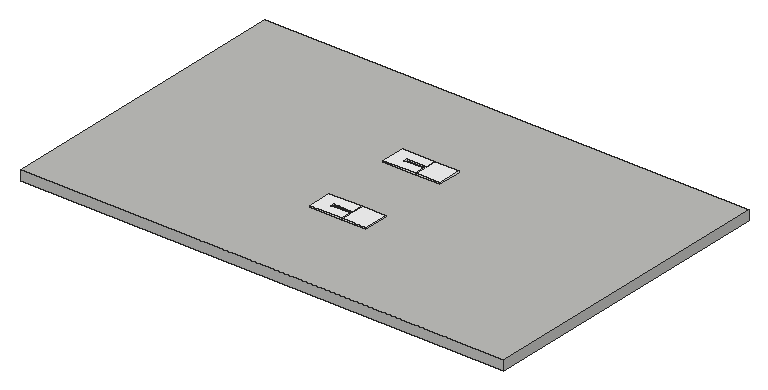
Revit family "Desk-Teknion-JNWDSN-Double_Sided_Rectangular-R2018", category Furniture, Revit 2018
Family settings
  OmniClass Number = 23.40.20.00
  OmniClass Title = General Furniture and Specialties
  Work Plane-Based = No
  Always vertical = Yes
  Cut with Voids When Loaded = No
  Shared = Yes
  Room Calculation Point = No
Parameters (values of type "36" Depth")
  Worksurface Finish [instance] = Foundation Laminate - Teknion - XG - Very White
  Width Note [instance] = if(and(or(Depth = 36.000", Depth = 48.000"), [Has Grommets - Both]), "48, 51, 54, 57, 60, 63, 66, 69, 72, 75, 78, 81, 84, 90, or 96 inches.", if(and(Depth = 60.000", [Has Grommets - Both]), "48, 51, 54, 57, 60, 63, 66, 69, 72, 75, 78, 81, or 84 inches.", if(and(or(Depth = 36.000", Depth = 48.000", Depth = 60.000"), [Has Square Cut-Out - Offset Left/Grommet - Center], [Has Square Cut-Out - Offset Right/Grommet - Center], [Has Square Cut-Out - Justified/Grommet - Center]), "48, 51, 54, 57, 60, 63, 66, 69, 72, 75, 78, 81, or 84 inches.", if([Has Grommet - Center], "24, 27, 30, 33, 36, 39, 42, 45, 48, 51, 54, 57, 60, 63, 66, 69, 72, 75, 78, 81, or 84 inches.", if(and(or(Depth = 48.000", Depth = 60.000"), [Has Access Door - Center]), "30, 36, 42, 66, 72, 78, or 84 inches.", if(and(or(Depth = 48.000", Depth = 60.000"), [Has Access Door - Justified]), "33, 36, 39, 42, 45, 48, 51, 54, 57, 60, 63, 66, 69, 72, 75, 78, 81, 84, 90, or 96 inches.", if(and(or(Depth = 48.000", Depth = 60.000"), [Has Access Door - Offset Left], [Has Access Door - Offset Right]), "60, 63, 66, 69, 72, 75, 78, 81, 84, 90, or 96 inches.", if(and(or(Depth = 48.000", Depth = 60.000"), [Has Access Door - Justified/Grommet - Center], [Has End Access Door/Grommet - Center]), "48, 51, 54, 57, 60, 63, 66, 69, 72, 75, 78, 81, or 84 inches.", if(and(or(Depth = 48.000", Depth = 60.000"), [Has Access Door - Offset Left/Grommet - Center], [Has Access Door - Offset Right/Grommet - Center]), "60, 63, 66, 69, 72, 75, 78, 81, or 84 inches.", if(and(or(Depth = 36.000", Depth = 48.000"), [Has No Power/Data]), "24, 27, 30, 33, 36, 39, 42, 45, 48, 51, 54, 57, 60, 63, 66, 69, 72, 75, 78, 81, 84, 90, or 96 inches.", "24, 27, 30, 33, 36, 39, 42, 45, 48, 51, 54, 57, 60, 63, 66, 69, 72, 75, 78, 81, or 84 inches."))))))))))  # "24, 27, 30, 33, 36, 39, 42, 45, 48, 51, 54, 57, 60, 63, 66, 69, 72, 75, 78, 81, or 84 inches."
  Width [instance] = 57.000"
  Warranty = "http://www.teknion.com/ca/papers/legal-canada"
  Unit Weight URL = "http://www.teknion.com/ca/tools/assets#&asset=bee6a381-b954-425e-8283-5a2de3a804f2,f828d448-4b62-4231-9e5f-9a8991c0ed77"
  URL = "www.teknion.com"
  Top Left Square Cut-Out Hole Depth [instance] = if(or([Has Square Cut-Out - Justified/Grommet - Center], [Has Square Cut-Out - Offset Right/Grommet - Center]), 12.000", 4.000")  # 4.000"
  Top Left Square Cut-Out (2D) [instance] = or([Has Square Cut-Out - Justified/Grommet - Center], [Has Square Cut-Out - Offset Right/Grommet - Center])  # no
  Sustainability Data = "http://www.teknion.com/ca/tools/assets#&topic=216f99a5-57a0-44fc-b10a-9dee9b29ae4c&asset=444deb64-fe58-4b68-981e-f75e97781df7"
  Top Right Square Cut-Out Hole Depth [instance] = if([Has Square Cut-Out - Offset Left/Grommet - Center], 12.000", 4.000")  # 4.000"
  Note [instance] = if(Depth = 36.000", "Choose between Has Grommets - Both, Has Grommet - Center, Has Square Cut-Out – Offset Left/Grommet – Center, Has Square Cut-Out – Offset Right/Grommet – Center, Has Square Cut-Out – Justified/Grommet – Center or Has No Power/Data.", "Choose one of the following below.")  # "Choose between Has Grommets - Both, Has Grommet - Center, Has Square Cut-Out – Offset Left/Grommet – Center, Has Square Cut-Out – Offset Right/Grommet – Center, Has Square Cut-Out – Justified/Grommet – Center or Has No Power/Data."
  Model = "JNWDSN36"
  Leg Paint Finish [instance] = Mica - Teknion - V - Satin - Very White
  Has Square Cut-Out - Offset Right/Grommet - Center [instance] = no
  Has Square Cut-Out - Offset Left/Grommet - Center [instance] = no
  Has Right Freestanding Leg [instance] = no
  Has No Power/Data [instance] = no
  Has Left Freestanding Leg [instance] = no
  Grommet Finish [instance] = Mica - Teknion - V - Satin - Very White
  Description = "Double-Sided Rectangular Worksurface"  # constant formula
  Bottom Right Square Cut-Out Hole Depth [instance] = if([Has Square Cut-Out - Offset Right/Grommet - Center], 12.000", 4.000")  # 4.000"
  Bottom Left Square Cut-Out Hole Depth [instance] = if(or([Has Square Cut-Out - Justified/Grommet - Center], [Has Square Cut-Out - Offset Left/Grommet - Center]), 12.000", 4.000")  # 4.000"
  Series = "Expansion Cityline"  # constant formula
  Right Grommet [instance] = or([Has Grommets - Both])  # no
  Product Page URL = "http://www.teknion.com/ca/products/product-details?productlineid=9ad2a26e-8e7a-673b-a6c8-ff05004460c4"
  Product Line = "Expansion Cityline"  # constant formula
  Product Documentation Link = "http://www.teknion.com/pricing/expansion-cityline/pdfs/JNWDSN_ppg.pdf"
  Part Number = "JNWDSN"  # constant formula
  Manufacturer Phone = "416-661-3370"  # constant formula
  Manufacturer Fax = "416.661.4586"  # constant formula
  Manufacturer Contact Information = "http://www.teknion.com/ca/contactus"
  Manufacturer Address = "1150 Flint Road, Toronto, ON. M3J 2J5. Canada"  # constant formula
  Manufacturer = "Teknion"  # constant formula
  Left Grommet [instance] = or([Has Grommets - Both])  # no
  Has Square Cut-Out - Justified/Grommet - Center [instance] = no
  Has Grommets - Both [instance] = no
  Has Grommet - Center [instance] = yes
  Has End Access Door/Grommet - Center [instance] = no
  Has Access Door - Offset Right/Grommet - Center [instance] = no
  Has Access Door - Offset Right [instance] = no
  Has Access Door - Offset Left/Grommet - Center [instance] = no
  Has Access Door - Offset Left [instance] = no
  Has Access Door - Justified/Grommet - Center [instance] = no
  Has Access Door - Justified [instance] = no
  Has Access Door - Center [instance] = no
  Bottom Left Square Cut-Out (2D) [instance] = or([Has Square Cut-Out - Justified/Grommet - Center], [Has Square Cut-Out - Offset Left/Grommet - Center])  # no
  Access Door Finish [instance] = Mica - Teknion - V - Satin - Very White
  Access Door - Offset Right [instance] = or([Has Access Door - Offset Right], [Has Access Door - Offset Right/Grommet - Center])  # no
  Access Door - Offset Left [instance] = or([Has Access Door - Offset Left], [Has Access Door - Offset Left/Grommet - Center])  # no
  Access Door - Justified (Bottom) [instance] = or([Has Access Door - Justified/Grommet - Center], [Has Access Door - Justified], [Has Access Door - Offset Left], [Has Access Door - Offset Left/Grommet - Center])  # no
  Access Door - Justified (Top) [instance] = or([Has Access Door - Justified/Grommet - Center], [Has Access Door - Justified], [Has Access Door - Offset Right], [Has Access Door - Offset Right/Grommet - Center])  # no
  End Access Door [instance] = or([Has End Access Door/Grommet - Center])  # no
  Depth = 36.000"
  Center Grommet [instance] = or([Has Grommet - Center], [Has End Access Door/Grommet - Center], [Has Access Door - Justified/Grommet - Center], [Has Square Cut-Out - Justified/Grommet - Center], [Has Access Door - Offset Left/Grommet - Center], [Has Access Door - Offset Right/Grommet - Center], [Has Square Cut-Out - Offset Left/Grommet - Center], [Has Square Cut-Out - Offset Right/Grommet - Center])  # yes
  Center Access Door [instance] = or([Has Access Door - Center])  # no
  Assembly Code = "E2020200"
Reference planes (in)
  plane 1 "Center Front/Back": y = 0
  plane 2: z = 0
  plane 3 "Center Left/Right": x = 0
  plane 4 "Left": x = -28.5
  plane 5 "Right": x = 28.5
  plane 6 "Back": y = 18
  plane 7 "Front": y = -18
  plane 8 "Top": z = 29
  plane 9 "Void Cut Plane": z = 35
  plane 10: z = 29.15748
  plane 11: x = -27
  plane 12: x = -23.53937
  plane 13: x = 27
  plane 14: x = 23.53937
  plane 15: z = 27.69291
  plane 16: z = 27.81102
  plane 17: y = 9
  plane 18: y = -9
Forms (in)
  Extrusion 1, solid, material "Foundation Laminate - Teknion - XG - Very White" <- "Worksurface Finish"
    sketch origin (0, 0, 0) x (1, 0, 0) y (0, 1, 0)
      loop
        line (-28.5, 18) -> (-28.5, -18) -> (28.5, -18) -> (28.5, 18) -> (-28.5, 18)
    from 27.81102 to 29
  Extrusion 2, solid, material "Mica - Teknion - V - Satin - Very White" <- "Grommet Finish", visible <- "Center Grommet"
    sketch origin (0, 0, 0) x (1, 0, 0) y (0, 1, 0)
      loop
        line (0.47893, 6.81573) -> (-3.32716, 6.81573) -> (-3.32716, 3.97167) -> (0.47893, 3.97167) -> (0.47893, 5.18103) -> (-1.79967, 5.18103) -> (-1.79967, 5.60637) -> (0.47893, 5.60637) -> (0.47893, 6.81573)
    from 29 to 29.15748
  Extrusion 3, solid, material "Mica - Teknion - V - Satin - Very White" <- "Grommet Finish", visible <- "Center Grommet"
    sketch origin (0, 0, 0) x (1, 0, 0) y (0, 1, 0)
      loop
        line (0.47893, 6.81573) -> (0.47893, 3.97167) -> (3.32716, 3.97167) -> (3.32716, 6.81573) -> (0.47893, 6.81573)
    from 29 to 29.15748
  Extrusion 4, solid, material "Mica - Teknion - V - Satin - Very White" <- "Grommet Finish", visible <- "Center Grommet"
    sketch origin (0, -10.7874, 0) x (1, 0, 0) y (0, 1, 0)
      loop
        line (0.47893, 6.81573) -> (-3.32716, 6.81573) -> (-3.32716, 3.97167) -> (0.47893, 3.97167) -> (0.47893, 5.18103) -> (-1.79967, 5.18103) -> (-1.79967, 5.60637) -> (0.47893, 5.60637) -> (0.47893, 6.81573)
    from 29 to 29.15748
  Extrusion 5, solid, material "Mica - Teknion - V - Satin - Very White" <- "Grommet Finish", visible <- "Center Grommet"
    sketch origin (0, -10.7874, 0) x (1, 0, 0) y (0, 1, 0)
      loop
        line (0.47893, 6.81573) -> (0.47893, 3.97167) -> (3.32716, 3.97167) -> (3.32716, 6.81573) -> (0.47893, 6.81573)
    from 29 to 29.15748
  Extrusion 6, solid, material "Mica - Teknion - V - Satin - Very White" <- "Grommet Finish", visible <- "Left Grommet"
    sketch origin (-36, 0, 0) x (-1, 0, 0) y (0, -1, 0)
      loop
        line (-19.02107, -6.81573) -> (-19.02107, -5.60637) -> (-21.29967, -5.60637) -> (-21.29967, -5.18103) -> (-19.02107, -5.18103) -> (-19.02107, -3.97167) -> (-22.82716, -3.97167) -> (-22.82716, -6.81573) -> (-19.02107, -6.81573)
    from 29 to 29.15748
  Extrusion 7, solid, material "Mica - Teknion - V - Satin - Very White" <- "Grommet Finish", visible <- "Left Grommet"
    sketch origin (-36, 0, 0) x (-1, 0, 0) y (0, -1, 0)
      loop
        line (-19.02107, -6.81573) -> (-16.17284, -6.81573) -> (-16.17284, -3.97167) -> (-19.02107, -3.97167) -> (-19.02107, -6.81573)
    from 29 to 29.15748
  Extrusion 8, solid, material "Mica - Teknion - V - Satin - Very White" <- "Grommet Finish", visible <- "Left Grommet"
    sketch origin (-36, -10.7874, 0) x (-1, 0, 0) y (0, -1, 0)
      loop
        line (-19.02107, -6.81573) -> (-19.02107, -5.60637) -> (-21.29967, -5.60637) -> (-21.29967, -5.18103) -> (-19.02107, -5.18103) -> (-19.02107, -3.97167) -> (-22.82716, -3.97167) -> (-22.82716, -6.81573) -> (-19.02107, -6.81573)
    from 29 to 29.15748
  Extrusion 9, solid, material "Mica - Teknion - V - Satin - Very White" <- "Grommet Finish", visible <- "Left Grommet"
    sketch origin (-36, -10.7874, 0) x (-1, 0, 0) y (0, -1, 0)
      loop
        line (-19.02107, -6.81573) -> (-16.17284, -6.81573) -> (-16.17284, -3.97167) -> (-19.02107, -3.97167) -> (-19.02107, -6.81573)
    from 29 to 29.15748
  Extrusion 10, solid, material "Mica - Teknion - V - Satin - Very White" <- "Grommet Finish", visible <- "Right Grommet"
    sketch origin (36, 0, 0) x (1, 0, 0) y (0, 1, 0)
      loop
        line (-19.02107, 6.81573) -> (-22.82716, 6.81573) -> (-22.82716, 3.97167) -> (-19.02107, 3.97167) -> (-19.02107, 5.18103) -> (-21.29967, 5.18103) -> (-21.29967, 5.60637) -> (-19.02107, 5.60637) -> (-19.02107, 6.81573)
    from 29 to 29.15748
  Extrusion 11, solid, material "Mica - Teknion - V - Satin - Very White" <- "Grommet Finish", visible <- "Right Grommet"
    sketch origin (36, 0, 0) x (1, 0, 0) y (0, 1, 0)
      loop
        line (-19.02107, 6.81573) -> (-19.02107, 3.97167) -> (-16.17284, 3.97167) -> (-16.17284, 6.81573) -> (-19.02107, 6.81573)
    from 29 to 29.15748
  Extrusion 12, solid, material "Mica - Teknion - V - Satin - Very White" <- "Grommet Finish", visible <- "Right Grommet"
    sketch origin (36, -10.7874, 0) x (1, 0, 0) y (0, 1, 0)
      loop
        line (-19.02107, 6.81573) -> (-22.82716, 6.81573) -> (-22.82716, 3.97167) -> (-19.02107, 3.97167) -> (-19.02107, 5.18103) -> (-21.29967, 5.18103) -> (-21.29967, 5.60637) -> (-19.02107, 5.60637) -> (-19.02107, 6.81573)
    from 29 to 29.15748
  Extrusion 13, solid, material "Mica - Teknion - V - Satin - Very White" <- "Grommet Finish", visible <- "Right Grommet"
    sketch origin (36, -10.7874, 0) x (1, 0, 0) y (0, 1, 0)
      loop
        line (-19.02107, 6.81573) -> (-19.02107, 3.97167) -> (-16.17284, 3.97167) -> (-16.17284, 6.81573) -> (-19.02107, 6.81573)
    from 29 to 29.15748
  Extrusion 14, solid, material "Mica - Teknion - V - Satin - Very White" <- "Access Door Finish", visible <- "Center Access Door"
    sketch origin (0, 0, 29) x (-1, 0, 0) y (0, -1, 0)
      loop
        line (4.40945, -2.58661) -> (-4.40945, -2.58661) -> (-4.40945, -8.41339) -> (4.40945, -8.41339) -> (4.40945, -2.58661)
      loop
        line (4.72441, -8.72835) -> (4.72441, -2.27165) -> (-4.72441, -2.27165) -> (-4.72441, -8.72835) -> (4.72441, -8.72835)
    from 0 to 0.07874
  Extrusion 15, solid, material "Mica - Teknion - V - Satin - Very White" <- "Access Door Finish", visible <- "Center Access Door"
    sketch origin (0, 0, 29) x (-1, 0, 0) y (0, -1, 0)
      loop
        line (-4.37008, -7.88189) -> (4.37008, -7.88189) -> (4.37008, -3.11811) -> (-4.37008, -3.11811) -> (-4.37008, -7.88189)
    from 0 to 0.07874
  Extrusion 16, solid, material "Mica - Teknion - V - Satin - Very White" <- "Access Door Finish", visible <- "Center Access Door"
    sketch origin (0, 0, 29) x (-1, 0, 0) y (0, -1, 0)
      loop
        line (-4.37008, 7.88189) -> (-4.37008, 3.11811) -> (4.37008, 3.11811) -> (4.37008, 7.88189) -> (-4.37008, 7.88189)
    from 0 to 0.07874
  Extrusion 17, solid, material "Mica - Teknion - V - Satin - Very White" <- "Access Door Finish", visible <- "Center Access Door"
    sketch origin (0, 0, 29) x (-1, 0, 0) y (0, -1, 0)
      loop
        line (4.40945, 2.58661) -> (4.40945, 8.41339) -> (-4.40945, 8.41339) -> (-4.40945, 2.58661) -> (4.40945, 2.58661)
      loop
        line (4.72441, 8.72835) -> (-4.72441, 8.72835) -> (-4.72441, 2.27165) -> (4.72441, 2.27165) -> (4.72441, 8.72835)
    from 0 to 0.07874
  Extrusion 18, solid, material "Mica - Teknion - V - Satin - Very White" <- "Access Door Finish", visible <- "End Access Door"
    sketch origin (0, 0, 29) x (-1, 0, 0) y (0, -1, 0)
      loop
        line (19.78445, -13.72441) -> (26.24114, -13.72441) -> (26.24114, -4.27559) -> (19.78445, -4.27559) -> (19.78445, -13.72441)
      loop
        line (25.92618, -13.40945) -> (25.92618, -4.59055) -> (20.09941, -4.59055) -> (20.09941, -13.40945) -> (25.92618, -13.40945)
    from 0 to 0.15748
  Extrusion 19, solid, material "Mica - Teknion - V - Satin - Very White" <- "Access Door Finish", visible <- "End Access Door"
    sketch origin (0, 0, 29) x (-1, 0, 0) y (0, -1, 0)
      loop
        line (25.39469, -13.37008) -> (25.39469, -4.62992) -> (20.63091, -4.62992) -> (20.63091, -13.37008) -> (25.39469, -13.37008)
    from 0 to 0.15748
  Extrusion 20, solid, material "Mica - Teknion - V - Satin - Very White" <- "Access Door Finish", visible <- "End Access Door"
    sketch origin (0, 0, 29) x (-1, 0, 0) y (0, -1, 0)
      loop
        line (19.78445, 13.72441) -> (19.78445, 4.27559) -> (26.24114, 4.27559) -> (26.24114, 13.72441) -> (19.78445, 13.72441)
      loop
        line (25.92618, 13.40945) -> (20.09941, 13.40945) -> (20.09941, 4.59055) -> (25.92618, 4.59055) -> (25.92618, 13.40945)
    from 0 to 0.15748
  Extrusion 21, solid, material "Mica - Teknion - V - Satin - Very White" <- "Access Door Finish", visible <- "End Access Door"
    sketch origin (0, 0, 29) x (-1, 0, 0) y (0, -1, 0)
      loop
        line (25.39469, 13.37008) -> (20.63091, 13.37008) -> (20.63091, 4.62992) -> (25.39469, 4.62992) -> (25.39469, 13.37008)
    from 0 to 0.15748
  Extrusion 22, solid, material "Mica - Teknion - V - Satin - Very White" <- "Access Door Finish", visible <- "Access Door - Justified (Top)"
    sketch origin (-42, -31.0128, 29) x (0, 1, 0) y (-1, 0, 0)
      loop
        line (33.28445, -33.22441) -> (39.74114, -33.22441) -> (39.74114, -23.77559) -> (33.28445, -23.77559) -> (33.28445, -33.22441)
      loop
        line (39.42618, -32.90945) -> (39.42618, -24.09055) -> (33.59941, -24.09055) -> (33.59941, -32.90945) -> (39.42618, -32.90945)
    from 0 to 0.15748
  Extrusion 23, solid, material "Mica - Teknion - V - Satin - Very White" <- "Access Door Finish", visible <- "Access Door - Justified (Top)"
    sketch origin (-42, -31.0128, 29) x (0, 1, 0) y (-1, 0, 0)
      loop
        line (38.89469, -32.87008) -> (38.89469, -24.12992) -> (34.13091, -24.12992) -> (34.13091, -32.87008) -> (38.89469, -32.87008)
    from 0 to 0.15748
  Extrusion 24, solid, material "Mica - Teknion - V - Satin - Very White" <- "Access Door Finish", visible <- "Access Door - Justified (Bottom)"
    sketch origin (-42, 31.0128, 29) x (0, -1, 0) y (1, 0, 0)
      loop
        line (33.28445, 33.22441) -> (33.28445, 23.77559) -> (39.74114, 23.77559) -> (39.74114, 33.22441) -> (33.28445, 33.22441)
      loop
        line (39.42618, 32.90945) -> (33.59941, 32.90945) -> (33.59941, 24.09055) -> (39.42618, 24.09055) -> (39.42618, 32.90945)
    from 0 to 0.15748
  Extrusion 25, solid, material "Mica - Teknion - V - Satin - Very White" <- "Access Door Finish", visible <- "Access Door - Justified (Bottom)"
    sketch origin (-42, 31.0128, 29) x (0, -1, 0) y (1, 0, 0)
      loop
        line (38.89469, 32.87008) -> (34.13091, 32.87008) -> (34.13091, 24.12992) -> (38.89469, 24.12992) -> (38.89469, 32.87008)
    from 0 to 0.15748
  Extrusion 26, void
    sketch origin (0, 0, 35) x (0, -1, 0) y (1, 0, 0)
      loop
        arc (4.51732, -17.08661) -> (4.60219, -17.29151) -> (4.80709, -17.37638) r 0.28976
        line (4.80709, -17.37638) -> (5.98031, -17.37638)
        arc (5.98031, -17.37638) -> (6.18521, -17.29151) -> (6.27008, -17.08661) r 0.28976
        line (6.27008, -17.08661) -> (6.27008, -15.91339)
        arc (6.27008, -15.91339) -> (6.18521, -15.70849) -> (5.98031, -15.62362) r 0.28976
        line (5.98031, -15.62362) -> (4.80709, -15.62362)
        arc (4.80709, -15.62362) -> (4.60219, -15.70849) -> (4.51732, -15.91339) r 0.28976
        line (4.51732, -15.91339) -> (4.51732, -17.08661)
    from 0 to -4
  Extrusion 27, solid, material "Mica - Teknion - V - Satin - Very White" <- "Access Door Finish", visible <- "Access Door - Offset Left"
    sketch origin (39, -31.0128, 29) x (0, 1, 0) y (-1, 0, 0)
      loop
        line (33.28445, 30.22441) -> (33.28445, 20.77559) -> (39.74114, 20.77559) -> (39.74114, 30.22441) -> (33.28445, 30.22441)
      loop
        line (39.42618, 29.90945) -> (33.59941, 29.90945) -> (33.59941, 21.09055) -> (39.42618, 21.09055) -> (39.42618, 29.90945)
    from 0 to 0.15748
  Extrusion 28, solid, material "Mica - Teknion - V - Satin - Very White" <- "Access Door Finish", visible <- "Access Door - Offset Left"
    sketch origin (39, -31.0128, 29) x (0, 1, 0) y (-1, 0, 0)
      loop
        line (38.89469, 29.87008) -> (34.13091, 29.87008) -> (34.13091, 21.12992) -> (38.89469, 21.12992) -> (38.89469, 29.87008)
    from 0 to 0.15748
  Extrusion 29, solid, material "Mica - Teknion - V - Satin - Very White" <- "Access Door Finish", visible <- "Access Door - Offset Right"
    sketch origin (42, -42.0128, 29) x (0, 1, 0) y (-1, 0, 0)
      loop
        line (33.28445, 33.22441) -> (33.28445, 23.77559) -> (39.74114, 23.77559) -> (39.74114, 33.22441) -> (33.28445, 33.22441)
      loop
        line (39.42618, 32.90945) -> (33.59941, 32.90945) -> (33.59941, 24.09055) -> (39.42618, 24.09055) -> (39.42618, 32.90945)
    from 0 to 0.15748
  Extrusion 30, solid, material "Mica - Teknion - V - Satin - Very White" <- "Access Door Finish", visible <- "Access Door - Offset Right"
    sketch origin (42, -42.0128, 29) x (0, 1, 0) y (-1, 0, 0)
      loop
        line (38.89469, 32.87008) -> (34.13091, 32.87008) -> (34.13091, 24.12992) -> (38.89469, 24.12992) -> (38.89469, 32.87008)
    from 0 to 0.15748
  Extrusion 31, void
    sketch origin (0, 0, 35) x (0, 1, 0) y (-1, 0, 0)
      loop
        line (4.51732, 17.08661) -> (4.51732, 15.91339)
        arc (4.51732, 15.91339) -> (4.60219, 15.70849) -> (4.80709, 15.62362) r 0.28976
        line (4.80709, 15.62362) -> (5.98031, 15.62362)
        arc (5.98031, 15.62362) -> (6.18521, 15.70849) -> (6.27008, 15.91339) r 0.28976
        line (6.27008, 15.91339) -> (6.27008, 17.08661)
        arc (6.27008, 17.08661) -> (6.18521, 17.29151) -> (5.98031, 17.37638) r 0.28976
        line (5.98031, 17.37638) -> (4.80709, 17.37638)
        arc (4.80709, 17.37638) -> (4.60219, 17.29151) -> (4.51732, 17.08661) r 0.28976
    from 0 to -4
  Extrusion 32, void
    sketch origin (0, 0, 35) x (0, 1, 0) y (-1, 0, 0)
      loop
        arc (4.51732, -17.08661) -> (4.60219, -17.29151) -> (4.80709, -17.37638) r 0.28976
        line (4.80709, -17.37638) -> (5.98031, -17.37638)
        arc (5.98031, -17.37638) -> (6.18521, -17.29151) -> (6.27008, -17.08661) r 0.28976
        line (6.27008, -17.08661) -> (6.27008, -15.91339)
        arc (6.27008, -15.91339) -> (6.18521, -15.70849) -> (5.98031, -15.62362) r 0.28976
        line (5.98031, -15.62362) -> (4.80709, -15.62362)
        arc (4.80709, -15.62362) -> (4.60219, -15.70849) -> (4.51732, -15.91339) r 0.28976
        line (4.51732, -15.91339) -> (4.51732, -17.08661)
    from 0 to -4
  Extrusion 33, void
    sketch origin (0, 0, 35) x (0, -1, 0) y (1, 0, 0)
      loop
        line (4.51732, 17.08661) -> (4.51732, 15.91339)
        arc (4.51732, 15.91339) -> (4.60219, 15.70849) -> (4.80709, 15.62362) r 0.28976
        line (4.80709, 15.62362) -> (5.98031, 15.62362)
        arc (5.98031, 15.62362) -> (6.18521, 15.70849) -> (6.27008, 15.91339) r 0.28976
        line (6.27008, 15.91339) -> (6.27008, 17.08661)
        arc (6.27008, 17.08661) -> (6.18521, 17.29151) -> (5.98031, 17.37638) r 0.28976
        line (5.98031, 17.37638) -> (4.80709, 17.37638)
        arc (4.80709, 17.37638) -> (4.60219, 17.29151) -> (4.51732, 17.08661) r 0.28976
    from 0 to -4
  Extrusion 34, solid, material "Mica - Teknion - V - Satin - Very White" <- "Leg Paint Finish", visible <- "Has Left Freestanding Leg"
    sketch origin (-28.5, 0, 0) x (0, 1, 0) y (0, 0, 1)
      loop
        line (13.89338, 27.69291) -> (-13.89338, 27.69291) -> (-17.40756, 1) -> (-14.88599, 1) -> (-12.12869, 21.9438)
        arc (-12.12869, 21.9438) -> (-11.87353, 22.5598) -> (-11.25753, 22.81496) r 0.87116
        line (-11.25753, 22.81496) -> (11.25753, 22.81496)
        arc (11.25753, 22.81496) -> (11.82627, 22.6009) -> (12.11274, 22.06496) r 0.86259
        line (12.11274, 22.06496) -> (14.88599, 1) -> (17.40756, 1) -> (13.89338, 27.69291)
    from 0 to 1.5
  Extrusion 35, solid, material "Mica - Teknion - V - Satin - Very White" <- "Leg Paint Finish", visible <- "Has Left Freestanding Leg"
    sketch origin (0, 0, 35) x (0, -1, 0) y (1, 0, 0)
      loop
        line (-16.41306, -23.53937) -> (-16.41306, -28.5) -> (16.41306, -28.5) -> (16.41306, -23.53937) -> (-16.41306, -23.53937)
    from -7.30709 to -7.18898
  Extrusion 36, solid, material "Mica - Teknion - V - Satin - Very White" <- "Leg Paint Finish", visible <- "Has Right Freestanding Leg"
    sketch origin (0, 0, 35) x (0, -1, 0) y (1, 0, 0)
      loop
        line (-16.41306, 23.53937) -> (16.41306, 23.53937) -> (16.41306, 28.5) -> (-16.41306, 28.5) -> (-16.41306, 23.53937)
    from -7.30709 to -7.18898
  Extrusion 37, solid, material "Mica - Teknion - V - Satin - Very White" <- "Leg Paint Finish", visible <- "Has Right Freestanding Leg"
    sketch origin (27, -0.9945, 0) x (0, 1, 0) y (0, 0, 1)
      loop
        line (14.88788, 27.69291) -> (-12.89887, 27.69291) -> (-16.41306, 1) -> (-13.89149, 1) -> (-11.13418, 21.9438)
        arc (-11.13418, 21.9438) -> (-10.87903, 22.5598) -> (-10.26302, 22.81496) r 0.87116
        line (-10.26302, 22.81496) -> (12.25203, 22.81496)
        arc (12.25203, 22.81496) -> (12.82077, 22.6009) -> (13.10724, 22.06496) r 0.86259
        line (13.10724, 22.06496) -> (15.8805, 1) -> (18.40207, 1) -> (14.88788, 27.69291)
    from 0 to 1.5
  Extrusion 38, solid, material "Mica - Teknion - V - Satin - Very White" <- "Leg Paint Finish", visible <- "Has Right Freestanding Leg"
    sketch origin (28.5, 0, 0) x (0, 1, 0) y (0, 0, -1)
      loop
        line (-15.20367, -1) -> (-15.33532, 0) -> (-17.40023, 0) -> (-17.26858, -1) -> (-15.20367, -1)
    from 0 to 1.5
  Extrusion 39, solid, material "Mica - Teknion - V - Satin - Very White" <- "Leg Paint Finish", visible <- "Has Right Freestanding Leg"
    sketch origin (28.5, 0, 0) x (0, -1, 0) y (0, 0, 1)
      loop
        line (-15.20367, 1) -> (-17.26858, 1) -> (-17.40023, 0) -> (-15.33532, 0) -> (-15.20367, 1)
    from 0 to 1.5
  Extrusion 40, solid, material "Mica - Teknion - V - Satin - Very White" <- "Leg Paint Finish", visible <- "Has Left Freestanding Leg"
    sketch origin (-28.5, 0, 0) x (0, 1, 0) y (0, 0, 1)
      loop
        line (-15.20367, 1) -> (-17.26858, 1) -> (-17.40023, 0) -> (-15.33532, 0) -> (-15.20367, 1)
    from 0 to 1.5
  Extrusion 41, solid, material "Mica - Teknion - V - Satin - Very White" <- "Leg Paint Finish", visible <- "Has Left Freestanding Leg"
    sketch origin (-28.5, 0, 0) x (0, -1, 0) y (0, 0, -1)
      loop
        line (-15.20367, -1) -> (-15.33532, 0) -> (-17.40023, 0) -> (-17.26858, -1) -> (-15.20367, -1)
    from 0 to 1.5
Cuts and joins
  Extrusion 26, Extrusion 31, Extrusion 32, Extrusion 33 cuts Extrusion 1
Lines and regions (in)
  Masking region 1
    outline origin (0, 0, 35) x (0, -1, 0) y (1, 0, 0)
      loop
        line (-18, 28.5) -> (-18, -28.5) -> (18, -28.5) -> (18, 28.5) -> (-18, 28.5)
  symbolic lines, visible <- "End Access Door"
    curve 1: line (-25.92618, 4.59055, 35) -> (-25.92618, 13.40945, 35)
    curve 2: line (-25.92618, 13.40945, 35) -> (-20.09941, 13.40945, 35)
    curve 3: line (-20.09941, 13.40945, 35) -> (-20.09941, 4.59055, 35)
    curve 4: line (-20.09941, 4.59055, 35) -> (-25.92618, 4.59055, 35)
    curve 5: line (-26.24114, 13.72441, 35) -> (-26.24114, 4.27559, 35)
    curve 6: line (-26.24114, 4.27559, 35) -> (-19.78445, 4.27559, 35)
    curve 7: line (-19.78445, 4.27559, 35) -> (-19.78445, 13.72441, 35)
    curve 8: line (-19.78445, 13.72441, 35) -> (-26.24114, 13.72441, 35)
    curve 9: line (-25.39469, 13.37008, 35) -> (-25.39469, 4.62992, 35)
    curve 10: line (-25.39469, 4.62992, 35) -> (-20.63091, 4.62992, 35)
    curve 11: line (-20.63091, 4.62992, 35) -> (-20.63091, 13.37008, 35)
    curve 12: line (-20.63091, 13.37008, 35) -> (-25.39469, 13.37008, 35)
    curve 13: line (-26.24114, -4.27559, 35) -> (-26.24114, -13.72441, 35)
    curve 14: line (-26.24114, -13.72441, 35) -> (-19.78445, -13.72441, 35)
    curve 15: line (-19.78445, -13.72441, 35) -> (-19.78445, -4.27559, 35)
    curve 16: line (-19.78445, -4.27559, 35) -> (-26.24114, -4.27559, 35)
    curve 17: line (-25.92618, -13.40945, 35) -> (-25.92618, -4.59055, 35)
    curve 18: line (-25.92618, -4.59055, 35) -> (-20.09941, -4.59055, 35)
    curve 19: line (-20.09941, -4.59055, 35) -> (-20.09941, -13.40945, 35)
    curve 20: line (-20.09941, -13.40945, 35) -> (-25.92618, -13.40945, 35)
    curve 21: line (-25.39469, -4.62992, 35) -> (-25.39469, -13.37008, 35)
    curve 22: line (-25.39469, -13.37008, 35) -> (-20.63091, -13.37008, 35)
    curve 23: line (-20.63091, -13.37008, 35) -> (-20.63091, -4.62992, 35)
    curve 24: line (-20.63091, -4.62992, 35) -> (-25.39469, -4.62992, 35)
  symbolic lines, visible <- "Access Door - Justified (Top)"
    curve 25: line (-8.77559, 8.72835, 35) -> (-18.22441, 8.72835, 35)
    curve 26: line (-18.22441, 8.72835, 35) -> (-18.22441, 2.27165, 35)
    curve 27: line (-18.22441, 2.27165, 35) -> (-8.77559, 2.27165, 35)
    curve 28: line (-8.77559, 2.27165, 35) -> (-8.77559, 8.72835, 35)
    curve 29: line (-17.90945, 8.41339, 35) -> (-9.09055, 8.41339, 35)
    curve 30: line (-9.09055, 8.41339, 35) -> (-9.09055, 2.58661, 35)
    curve 31: line (-9.09055, 2.58661, 35) -> (-17.90945, 2.58661, 35)
    curve 32: line (-17.90945, 2.58661, 35) -> (-17.90945, 8.41339, 35)
    curve 33: line (-17.87008, 3.11811, 35) -> (-9.12992, 3.11811, 35)
    curve 34: line (-9.12992, 3.11811, 35) -> (-9.12992, 7.88189, 35)
    curve 35: line (-9.12992, 7.88189, 35) -> (-17.87008, 7.88189, 35)
    curve 36: line (-17.87008, 7.88189, 35) -> (-17.87008, 3.11811, 35)
  symbolic lines, visible <- "Access Door - Justified (Bottom)"
    curve 37: line (-8.77559, -2.27165, 35) -> (-18.22441, -2.27165, 35)
    curve 38: line (-18.22441, -2.27165, 35) -> (-18.22441, -8.72835, 35)
    curve 39: line (-18.22441, -8.72835, 35) -> (-8.77559, -8.72835, 35)
    curve 40: line (-8.77559, -8.72835, 35) -> (-8.77559, -2.27165, 35)
    curve 41: line (-17.90945, -2.58661, 35) -> (-9.09055, -2.58661, 35)
    curve 42: line (-9.09055, -2.58661, 35) -> (-9.09055, -8.41339, 35)
    curve 43: line (-9.09055, -8.41339, 35) -> (-17.90945, -8.41339, 35)
    curve 44: line (-17.90945, -8.41339, 35) -> (-17.90945, -2.58661, 35)
    curve 45: line (-9.12992, -3.11811, 35) -> (-17.87008, -3.11811, 35)
    curve 46: line (-17.87008, -3.11811, 35) -> (-17.87008, -7.88189, 35)
    curve 47: line (-17.87008, -7.88189, 35) -> (-9.12992, -7.88189, 35)
    curve 48: line (-9.12992, -7.88189, 35) -> (-9.12992, -3.11811, 35)
  symbolic lines, visible <- "Center Access Door"
    curve 49: line (4.72441, 8.72835, 35) -> (-4.72441, 8.72835, 35)
    curve 50: line (-4.72441, 8.72835, 35) -> (-4.72441, 2.27165, 35)
    curve 51: line (-4.72441, 2.27165, 35) -> (4.72441, 2.27165, 35)
    curve 52: line (4.72441, 2.27165, 35) -> (4.72441, 8.72835, 35)
    curve 53: line (-4.40945, 8.41339, 35) -> (4.40945, 8.41339, 35)
    curve 54: line (4.40945, 8.41339, 35) -> (4.40945, 2.58661, 35)
    curve 55: line (4.40945, 2.58661, 35) -> (-4.40945, 2.58661, 35)
    curve 56: line (-4.40945, 2.58661, 35) -> (-4.40945, 8.41339, 35)
    curve 57: line (4.37008, 7.88189, 35) -> (-4.37008, 7.88189, 35)
    curve 58: line (-4.37008, 7.88189, 35) -> (-4.37008, 3.11811, 35)
    curve 59: line (-4.37008, 3.11811, 35) -> (4.37008, 3.11811, 35)
    curve 60: line (4.37008, 3.11811, 35) -> (4.37008, 7.88189, 35)
    curve 61: line (-4.40945, -2.58661, 35) -> (4.40945, -2.58661, 35)
    curve 62: line (4.40945, -2.58661, 35) -> (4.40945, -8.41339, 35)
    curve 63: line (4.40945, -8.41339, 35) -> (-4.40945, -8.41339, 35)
    curve 64: line (-4.40945, -8.41339, 35) -> (-4.40945, -2.58661, 35)
    curve 65: line (-4.72441, -8.72835, 35) -> (4.72441, -8.72835, 35)
    curve 66: line (4.72441, -8.72835, 35) -> (4.72441, -2.27165, 35)
    curve 67: line (4.72441, -2.27165, 35) -> (-4.72441, -2.27165, 35)
    curve 68: line (-4.72441, -2.27165, 35) -> (-4.72441, -8.72835, 35)
    curve 69: line (4.37008, -3.11811, 35) -> (-4.37008, -3.11811, 35)
    curve 70: line (-4.37008, -3.11811, 35) -> (-4.37008, -7.88189, 35)
    curve 71: line (-4.37008, -7.88189, 35) -> (4.37008, -7.88189, 35)
    curve 72: line (4.37008, -7.88189, 35) -> (4.37008, -3.11811, 35)
  symbolic lines, visible <- "Access Door - Offset Left"
    curve 73: line (18.22441, 8.72835, 35) -> (8.77559, 8.72835, 35)
    curve 74: line (8.77559, 8.72835, 35) -> (8.77559, 2.27165, 35)
    curve 75: line (8.77559, 2.27165, 35) -> (18.22441, 2.27165, 35)
    curve 76: line (18.22441, 2.27165, 35) -> (18.22441, 8.72835, 35)
    curve 77: line (9.09055, 8.41339, 35) -> (17.90945, 8.41339, 35)
    curve 78: line (17.90945, 8.41339, 35) -> (17.90945, 2.58661, 35)
    curve 79: line (17.90945, 2.58661, 35) -> (9.09055, 2.58661, 35)
    curve 80: line (9.09055, 2.58661, 35) -> (9.09055, 8.41339, 35)
    curve 81: line (17.87008, 7.88189, 35) -> (9.12992, 7.88189, 35)
    curve 82: line (9.12992, 7.88189, 35) -> (9.12992, 3.11811, 35)
    curve 83: line (9.12992, 3.11811, 35) -> (17.87008, 3.11811, 35)
    curve 84: line (17.87008, 3.11811, 35) -> (17.87008, 7.88189, 35)
  symbolic lines, visible <- "Access Door - Offset Right"
    curve 85: line (18.22441, -2.27165, 35) -> (8.77559, -2.27165, 35)
    curve 86: line (8.77559, -2.27165, 35) -> (8.77559, -8.72835, 35)
    curve 87: line (8.77559, -8.72835, 35) -> (18.22441, -8.72835, 35)
    curve 88: line (18.22441, -8.72835, 35) -> (18.22441, -2.27165, 35)
    curve 89: line (9.09055, -2.58661, 35) -> (17.90945, -2.58661, 35)
    curve 90: line (17.90945, -2.58661, 35) -> (17.90945, -8.41339, 35)
    curve 91: line (17.90945, -8.41339, 35) -> (9.09055, -8.41339, 35)
    curve 92: line (9.09055, -8.41339, 35) -> (9.09055, -2.58661, 35)
    curve 93: line (9.12992, -7.88189, 35) -> (17.87008, -7.88189, 35)
    curve 94: line (17.87008, -7.88189, 35) -> (17.87008, -3.11811, 35)
    curve 95: line (17.87008, -3.11811, 35) -> (9.12992, -3.11811, 35)
    curve 96: line (9.12992, -3.11811, 35) -> (9.12992, -7.88189, 35)
  symbolic lines, style "FurnitureHiddenLines", visible <- "Has Left Freestanding Leg", detail levels medium+fine
    curve 97: line (-28.5, 16.41306, 35) -> (-23.53937, 16.41306, 35)
    curve 98: line (-23.53937, 16.41306, 35) -> (-23.53937, -16.41306, 35)
    curve 99: line (-23.53937, -16.41306, 35) -> (-28.5, -16.41306, 35)
    curve 103: line (-27, 17.40756, 35) -> (-27, -17.40756, 35)
    curve 104: line (-28.5, -17.40756, 35) -> (-27, -17.40756, 35)
    curve 105: line (-27, 17.40756, 35) -> (-28.5, 17.40756, 35)
  symbolic lines, style "FurnitureHiddenLines", visible <- "Has Right Freestanding Leg", detail levels medium+fine
    curve 100: line (28.5, -16.41306, 35) -> (23.53937, -16.41306, 35)
    curve 101: line (23.53937, -16.41306, 35) -> (23.53937, 16.41306, 35)
    curve 102: line (23.53937, 16.41306, 35) -> (28.5, 16.41306, 35)
    curve 108: line (27, -17.40756, 35) -> (27, 17.40756, 35)
    curve 109: line (28.5, 17.40756, 35) -> (27, 17.40756, 35)
    curve 110: line (27, -17.40756, 35) -> (28.5, -17.40756, 35)
  symbolic lines, style "FurnitureHiddenLines", visible <- "Has Left Freestanding Leg", detail levels fine
    curve 106: line (-28.5, 15.20367, 35) -> (-27, 15.20367, 35)
    curve 107: line (-27, -15.20367, 35) -> (-28.5, -15.20367, 35)
  symbolic lines, style "FurnitureHiddenLines", visible <- "Has Right Freestanding Leg", detail levels fine
    curve 111: line (27, 15.20367, 35) -> (28.5, 15.20367, 35)
    curve 112: line (28.5, -15.20367, 35) -> (27, -15.20367, 35)
  symbolic lines, visible <- "Has Grommets - Both"
    curve 113: line (-16.97893, 6.81573, 35) -> (-16.97893, 3.97167, 35)
    curve 114: line (-19.82716, 6.81573, 35) -> (-16.97893, 6.81573, 35)
    curve 115: line (-19.82716, 3.97167, 35) -> (-19.82716, 6.81573, 35)
    curve 116: line (-16.97893, 3.97167, 35) -> (-19.82716, 3.97167, 35)
    curve 117: line (-13.17284, 3.97167, 35) -> (-16.97893, 3.97167, 35)
    curve 118: line (-16.97893, 5.18103, 35) -> (-14.70033, 5.18103, 35)
    curve 119: line (-14.70033, 5.18103, 35) -> (-14.70033, 5.60637, 35)
    curve 120: line (-14.70033, 5.60637, 35) -> (-16.97893, 5.60637, 35)
    curve 121: line (-16.97893, 6.81573, 35) -> (-13.17284, 6.81573, 35)
    curve 122: line (-13.17284, 6.81573, 35) -> (-13.17284, 3.97167, 35)
    curve 123: line (-19.82716, -3.97167, 35) -> (-16.97893, -3.97167, 35)
    curve 124: line (-19.82716, -6.81573, 35) -> (-19.82716, -3.97167, 35)
    curve 125: line (-16.97893, -6.81573, 35) -> (-19.82716, -6.81573, 35)
    curve 126: line (-16.97893, -3.97167, 35) -> (-16.97893, -6.81573, 35)
    curve 127: line (-14.70033, -5.18103, 35) -> (-16.97893, -5.18103, 35)
    curve 128: line (-14.70033, -5.60637, 35) -> (-14.70033, -5.18103, 35)
    curve 129: line (-16.97893, -5.60637, 35) -> (-14.70033, -5.60637, 35)
    curve 130: line (-13.17284, -6.81573, 35) -> (-16.97893, -6.81573, 35)
    curve 131: line (-13.17284, -3.97167, 35) -> (-13.17284, -6.81573, 35)
    curve 132: line (-16.97893, -3.97167, 35) -> (-13.17284, -3.97167, 35)
    curve 133: line (19.82716, 6.81573, 35) -> (16.97893, 6.81573, 35)
    curve 134: line (16.97893, 6.81573, 35) -> (16.97893, 3.97167, 35)
    curve 135: line (16.97893, 3.97167, 35) -> (19.82716, 3.97167, 35)
    curve 136: line (19.82716, 3.97167, 35) -> (19.82716, 6.81573, 35)
    curve 137: line (16.97893, 5.60637, 35) -> (14.70033, 5.60637, 35)
    curve 138: line (14.70033, 5.60637, 35) -> (14.70033, 5.18103, 35)
    curve 139: line (14.70033, 5.18103, 35) -> (16.97893, 5.18103, 35)
    curve 140: line (16.97893, 3.97167, 35) -> (13.17284, 3.97167, 35)
    curve 141: line (13.17284, 3.97167, 35) -> (13.17284, 6.81573, 35)
    curve 142: line (13.17284, 6.81573, 35) -> (16.97893, 6.81573, 35)
    curve 143: line (13.17284, -3.97167, 35) -> (16.97893, -3.97167, 35)
    curve 144: line (16.97893, -3.97167, 35) -> (16.97893, -6.81573, 35)
    curve 145: line (16.97893, -6.81573, 35) -> (19.82716, -6.81573, 35)
    curve 146: line (19.82716, -6.81573, 35) -> (19.82716, -3.97167, 35)
    curve 147: line (19.82716, -3.97167, 35) -> (16.97893, -3.97167, 35)
    curve 148: line (16.97893, -5.18103, 35) -> (14.70033, -5.18103, 35)
    curve 149: line (14.70033, -5.18103, 35) -> (14.70033, -5.60637, 35)
    curve 150: line (14.70033, -5.60637, 35) -> (16.97893, -5.60637, 35)
    curve 151: line (16.97893, -6.81573, 35) -> (13.17284, -6.81573, 35)
    curve 152: line (13.17284, -6.81573, 35) -> (13.17284, -3.97167, 35)
  symbolic lines, visible <- "Center Grommet"
    curve 153: line (0.47893, 6.81573, 35) -> (0.47893, 3.97167, 35)
    curve 154: line (0.47893, 3.97167, 35) -> (3.32716, 3.97167, 35)
    curve 155: line (3.32716, 3.97167, 35) -> (3.32716, 6.81573, 35)
    curve 156: line (3.32716, 6.81573, 35) -> (0.47893, 6.81573, 35)
    curve 157: line (0.47893, 5.60637, 35) -> (-1.79967, 5.60637, 35)
    curve 158: line (-1.79967, 5.60637, 35) -> (-1.79967, 5.18103, 35)
    curve 159: line (-1.79967, 5.18103, 35) -> (0.47893, 5.18103, 35)
    curve 160: line (0.47893, 3.97167, 35) -> (-3.32716, 3.97167, 35)
    curve 161: line (-3.32716, 3.97167, 35) -> (-3.32716, 6.81573, 35)
    curve 162: line (-3.32716, 6.81573, 35) -> (0.47893, 6.81573, 35)
    curve 163: line (-3.32716, -3.97167, 35) -> (0.47893, -3.97167, 35)
    curve 164: line (-3.32716, -6.81573, 35) -> (-3.32716, -3.97167, 35)
    curve 165: line (0.47893, -6.81573, 35) -> (-3.32716, -6.81573, 35)
    curve 166: line (0.47893, -5.18103, 35) -> (-1.79967, -5.18103, 35)
    curve 167: line (-1.79967, -5.18103, 35) -> (-1.79967, -5.60637, 35)
    curve 168: line (-1.79967, -5.60637, 35) -> (0.47893, -5.60637, 35)
    curve 169: line (0.47893, -6.81573, 35) -> (0.47893, -3.97167, 35)
    curve 170: line (0.47893, -3.97167, 35) -> (3.32716, -3.97167, 35)
    curve 171: line (3.32716, -3.97167, 35) -> (3.32716, -6.81573, 35)
    curve 172: line (3.32716, -6.81573, 35) -> (0.47893, -6.81573, 35)
  symbolic lines, visible <- "Top Left Square Cut-Out (2D)"
    curve 173: line (-17.08661, 6.27008, 35) -> (-15.91339, 6.27008, 35)
    curve 174: line (-15.91339, 4.51732, 35) -> (-17.08661, 4.51732, 35)
    curve 175: line (-17.37638, 4.80709, 35) -> (-17.37638, 5.98031, 35)
    curve 176: line (-15.62362, 5.98031, 35) -> (-15.62362, 4.80709, 35)
    curve 177: arc (-17.08661, 6.27008, 35) -> (-17.29151, 6.18521, 35) -> (-17.37638, 5.98031, 35) r 0.28976
    curve 178: arc (-15.62362, 5.98031, 35) -> (-15.70849, 6.18521, 35) -> (-15.91339, 6.27008, 35) r 0.28976
    curve 179: arc (-15.91339, 4.51732, 35) -> (-15.70849, 4.60219, 35) -> (-15.62362, 4.80709, 35) r 0.28976
    curve 180: arc (-17.37638, 4.80709, 35) -> (-17.29151, 4.60219, 35) -> (-17.08661, 4.51732, 35) r 0.28976
  symbolic lines, visible <- "Has Square Cut-Out - Offset Right/Grommet - Center"
    curve 181: line (15.91339, -4.51732, 35) -> (17.08661, -4.51732, 35)
    curve 182: line (17.08661, -6.27008, 35) -> (15.91339, -6.27008, 35)
    curve 183: line (15.62362, -5.98031, 35) -> (15.62362, -4.80709, 35)
    curve 184: line (17.37638, -4.80709, 35) -> (17.37638, -5.98031, 35)
    curve 185: arc (17.37638, -4.80709, 35) -> (17.29151, -4.60219, 35) -> (17.08661, -4.51732, 35) r 0.28976
    curve 186: arc (15.91339, -4.51732, 35) -> (15.70849, -4.60219, 35) -> (15.62362, -4.80709, 35) r 0.28976
    curve 187: arc (15.62362, -5.98031, 35) -> (15.70849, -6.18521, 35) -> (15.91339, -6.27008, 35) r 0.28976
    curve 188: arc (17.08661, -6.27008, 35) -> (17.29151, -6.18521, 35) -> (17.37638, -5.98031, 35) r 0.28976
  symbolic lines, visible <- "Has Square Cut-Out - Offset Left/Grommet - Center"
    curve 189: line (15.91339, 6.27008, 35) -> (17.08661, 6.27008, 35)
    curve 190: line (15.62362, 4.80709, 35) -> (15.62362, 5.98031, 35)
    curve 191: line (17.37638, 5.98031, 35) -> (17.37638, 4.80709, 35)
    curve 192: line (17.08661, 4.51732, 35) -> (15.91339, 4.51732, 35)
    curve 193: arc (15.91339, 6.27008, 35) -> (15.70849, 6.18521, 35) -> (15.62362, 5.98031, 35) r 0.28976
    curve 194: arc (17.37638, 5.98031, 35) -> (17.29151, 6.18521, 35) -> (17.08661, 6.27008, 35) r 0.28976
    curve 195: arc (17.08661, 4.51732, 35) -> (17.29151, 4.60219, 35) -> (17.37638, 4.80709, 35) r 0.28976
    curve 196: arc (15.62362, 4.80709, 35) -> (15.70849, 4.60219, 35) -> (15.91339, 4.51732, 35) r 0.28976
  symbolic lines, visible <- "Bottom Left Square Cut-Out (2D)"
    curve 197: line (-17.08661, -4.51732, 35) -> (-15.91339, -4.51732, 35)
    curve 198: line (-15.91339, -6.27008, 35) -> (-17.08661, -6.27008, 35)
    curve 199: line (-17.37638, -5.98031, 35) -> (-17.37638, -4.80709, 35)
    curve 200: line (-15.62362, -4.80709, 35) -> (-15.62362, -5.98031, 35)
    curve 201: arc (-15.62362, -4.80709, 35) -> (-15.70849, -4.60219, 35) -> (-15.91339, -4.51732, 35) r 0.28976
    curve 202: arc (-17.08661, -4.51732, 35) -> (-17.29151, -4.60219, 35) -> (-17.37638, -4.80709, 35) r 0.28976
    curve 203: arc (-17.37638, -5.98031, 35) -> (-17.29151, -6.18521, 35) -> (-17.08661, -6.27008, 35) r 0.28976
    curve 204: arc (-15.91339, -6.27008, 35) -> (-15.70849, -6.18521, 35) -> (-15.62362, -5.98031, 35) r 0.28976
  reference lines, not visible
    curve 205: line (-28.5, 18, 0) -> (28.5, 18, 0)
    curve 206: line (-28.5, 18, 0) -> (-28.5, -18, 0)
    curve 207: line (-28.5, -18, 0) -> (28.5, -18, 0)
    curve 208: line (28.5, 18, 0) -> (28.5, -18, 0)
Dimensions and locks (in)
  "Width": plane 4 "Left" to plane 5 "Right"
  "Depth": plane 6 "Back" to plane 7 "Front"
  plane 8 "Top" to level = 29.000"
  locked: plane 8 "Top" to Extrusion 1 at 1.18898
  Extrusion 2 sketch curve to Extrusion 2 sketch curve to plane 3 "Center Left/Right" to Extrusion 2 sketch curve to Extrusion 2 sketch curve = 1.52748" locked, 1.79967" locked, 0.47893" locked, 0.000" locked
  plane 1 "Center Front/Back" to Extrusion 2 sketch curve to Extrusion 2 sketch curve to Extrusion 2 sketch curve to Extrusion 2 sketch curve = 3.97167" locked, 1.20936" locked, 0.42535" locked, 1.20936" locked
  plane 1 "Center Front/Back" to Extrusion 3 sketch curve to Extrusion 3 sketch curve = 3.97167" locked, 2.84406" locked
  plane 3 "Center Left/Right" to Extrusion 3 sketch curve to Extrusion 3 sketch curve = 0.47893" locked, 2.84823" locked
  Extrusion 4 sketch curve to Extrusion 4 sketch curve to plane 3 "Center Left/Right" to Extrusion 4 sketch curve to Extrusion 4 sketch curve = 1.52748" locked, 1.79967" locked, 0.47893" locked, 0.000" locked
  Extrusion 4 sketch curve to Extrusion 4 sketch curve to Extrusion 4 sketch curve to Extrusion 4 sketch curve to plane 1 "Center Front/Back" = 1.20936" locked, 0.42535" locked, 1.20936" locked, 3.97167" locked
  Extrusion 5 sketch curve to Extrusion 5 sketch curve to plane 1 "Center Front/Back" = 2.84406" locked, 3.97167" locked
  plane 3 "Center Left/Right" to Extrusion 5 sketch curve to Extrusion 5 sketch curve = 0.47893" locked, 2.84823" locked
  locked: Extrusion 2 to plane 8 "Top" at 0.15748
  locked: Extrusion 4 to plane 8 "Top" at 0.15748
  locked: Extrusion 5 to plane 8 "Top" at 0.15748
  locked: Extrusion 3 to plane 8 "Top" at 0.15748
  equal spacing: plane 4 "Left", plane 3 "Center Left/Right", plane 5 "Right"
  equal spacing: plane 6 "Back", plane 1 "Center Front/Back", plane 7 "Front"
  Extrusion 6 sketch curve to Extrusion 6 sketch curve to Extrusion 6 sketch curve to Extrusion 6 sketch curve to plane 4 "Left" = 1.52748" locked, 2.2786" locked, 0.000" locked, 11.52107" locked
  plane 1 "Center Front/Back" to Extrusion 6 sketch curve to Extrusion 6 sketch curve to Extrusion 6 sketch curve to Extrusion 6 sketch curve = 3.97167" locked, 1.20936" locked, 0.42535" locked, 1.20936" locked
  plane 1 "Center Front/Back" to Extrusion 7 sketch curve to Extrusion 7 sketch curve = 3.97167" locked, 2.84406" locked
  Extrusion 7 sketch curve to Extrusion 7 sketch curve to plane 4 "Left" = 2.84823" locked, 8.67284" locked
  Extrusion 8 sketch curve to Extrusion 8 sketch curve to Extrusion 8 sketch curve to Extrusion 8 sketch curve to plane 4 "Left" = 1.52748" locked, 2.2786" locked, 0.000" locked, 11.52107" locked
  Extrusion 8 sketch curve to Extrusion 8 sketch curve to Extrusion 8 sketch curve to Extrusion 8 sketch curve to plane 1 "Center Front/Back" = 1.20936" locked, 0.42535" locked, 1.20936" locked, 3.97167" locked
  Extrusion 9 sketch curve to Extrusion 9 sketch curve to plane 1 "Center Front/Back" = 2.84406" locked, 3.97167" locked
  Extrusion 9 sketch curve to Extrusion 9 sketch curve to plane 4 "Left" = 2.84823" locked, 8.67284" locked
  Extrusion 10 sketch curve to Extrusion 10 sketch curve to Extrusion 10 sketch curve to Extrusion 10 sketch curve to plane 5 "Right" = 1.52748" locked, 2.2786" locked, 0.000" locked, 11.52107" locked
  plane 1 "Center Front/Back" to Extrusion 10 sketch curve to Extrusion 10 sketch curve to Extrusion 10 sketch curve to Extrusion 10 sketch curve = 3.97167" locked, 1.20936" locked, 0.42535" locked, 1.20936" locked
  plane 1 "Center Front/Back" to Extrusion 11 sketch curve to Extrusion 11 sketch curve = 3.97167" locked, 2.84406" locked
  Extrusion 11 sketch curve to Extrusion 11 sketch curve to plane 5 "Right" = 2.84823" locked, 8.67284" locked
  Extrusion 12 sketch curve to Extrusion 12 sketch curve to Extrusion 12 sketch curve to Extrusion 12 sketch curve to plane 5 "Right" = 1.52748" locked, 2.2786" locked, 0.000" locked, 11.52107" locked
  Extrusion 12 sketch curve to Extrusion 12 sketch curve to Extrusion 12 sketch curve to Extrusion 12 sketch curve to plane 1 "Center Front/Back" = 1.20936" locked, 0.42535" locked, 1.20936" locked, 3.97167" locked
  Extrusion 13 sketch curve to Extrusion 13 sketch curve to plane 1 "Center Front/Back" = 2.84406" locked, 3.97167" locked
  Extrusion 13 sketch curve to Extrusion 13 sketch curve to plane 5 "Right" = 2.84823" locked, 8.67284" locked
  locked: plane 9 "Void Cut Plane" to plane 8 "Top" at 6
  Extrusion 14 sketch curve to Extrusion 14 sketch curve to plane 3 "Center Left/Right" to Extrusion 14 sketch curve to Extrusion 14 sketch curve = 0.31496" locked, 4.40945" locked, 4.40945" locked, 0.31496" locked
  plane 1 "Center Front/Back" to Extrusion 14 sketch curve to Extrusion 14 sketch curve to Extrusion 14 sketch curve to Extrusion 14 sketch curve = 2.27165" locked, 0.31496" locked, 5.82677" locked, 0.31496" locked
  Extrusion 15 sketch curve to plane 3 "Center Left/Right" to Extrusion 15 sketch curve = 4.37008" locked, 4.37008" locked
  plane 1 "Center Front/Back" to Extrusion 15 sketch curve to Extrusion 15 sketch curve = 3.11811" locked, 4.76378" locked
  Extrusion 16 sketch curve to plane 3 "Center Left/Right" to Extrusion 16 sketch curve = 4.37008" locked, 4.37008" locked
  plane 1 "Center Front/Back" to Extrusion 16 sketch curve to Extrusion 16 sketch curve = 3.11811" locked, 4.76378" locked
  Extrusion 17 sketch curve to Extrusion 17 sketch curve to plane 3 "Center Left/Right" to Extrusion 17 sketch curve to Extrusion 17 sketch curve = 0.31496" locked, 4.40945" locked, 4.40945" locked, 0.31496" locked
  plane 1 "Center Front/Back" to Extrusion 17 sketch curve to Extrusion 17 sketch curve to Extrusion 17 sketch curve to Extrusion 17 sketch curve = 2.27165" locked, 0.31496" locked, 5.82677" locked, 0.31496" locked
  locked: Extrusion 17 to plane 8 "Top" at 0.07874
  locked: Extrusion 16 to plane 8 "Top" at 0.07874
  locked: Extrusion 14 to plane 8 "Top" at 0.07874
  locked: Extrusion 15 to plane 8 "Top" at 0.07874
  Extrusion 18 sketch curve to Extrusion 18 sketch curve to plane 17 to Extrusion 18 sketch curve to Extrusion 18 sketch curve = 0.31496" locked, 4.40945" locked, 4.40945" locked, 0.31496" locked
  plane 4 "Left" to Extrusion 18 sketch curve to Extrusion 18 sketch curve to Extrusion 18 sketch curve to Extrusion 18 sketch curve = 2.25886" locked, 0.31496" locked, 5.82677" locked, 0.31496" locked
  Extrusion 20 sketch curve to Extrusion 20 sketch curve to plane 18 to Extrusion 20 sketch curve to Extrusion 20 sketch curve = 0.31496" locked, 4.40945" locked, 4.40945" locked, 0.31496" locked
  plane 4 "Left" to Extrusion 20 sketch curve to Extrusion 20 sketch curve to Extrusion 20 sketch curve to Extrusion 20 sketch curve = 2.25886" locked, 0.31496" locked, 5.82677" locked, 0.31496" locked
  Extrusion 21 sketch curve to plane 18 to Extrusion 21 sketch curve = 4.37008" locked, 4.37008" locked
  plane 4 "Left" to Extrusion 22 sketch curve to Extrusion 22 sketch curve to Extrusion 22 sketch curve to Extrusion 22 sketch curve = 10.27559" locked, 0.31496" locked, 8.8189" locked, 0.31496" locked
  Extrusion 22 sketch curve to Extrusion 22 sketch curve to Extrusion 22 sketch curve to Extrusion 22 sketch curve to plane 1 "Center Front/Back" = 0.31496" locked, 5.82677" locked, 0.31496" locked, 2.27165" locked
  plane 1 "Center Front/Back" to Extrusion 23 sketch curve to Extrusion 23 sketch curve = 3.11811" locked, 4.76378" locked
  plane 4 "Left" to Extrusion 23 sketch curve to Extrusion 23 sketch curve = 10.62992" locked, 8.74016" locked
  plane 4 "Left" to Extrusion 19 sketch curve to Extrusion 19 sketch curve = 3.10531" locked, 4.76378" locked
  Extrusion 19 sketch curve to plane 17 to Extrusion 19 sketch curve = 4.37008" locked, 4.37008" locked
  plane 4 "Left" to Extrusion 21 sketch curve to Extrusion 21 sketch curve = 3.10531" locked, 4.76378" locked
  plane 4 "Left" to Extrusion 24 sketch curve to Extrusion 24 sketch curve to Extrusion 24 sketch curve to Extrusion 24 sketch curve = 10.27559" locked, 0.31496" locked, 8.8189" locked, 0.31496" locked
  Extrusion 24 sketch curve to Extrusion 24 sketch curve to Extrusion 24 sketch curve to Extrusion 24 sketch curve to plane 1 "Center Front/Back" = 0.31496" locked, 5.82677" locked, 0.31496" locked, 2.27165" locked
  plane 1 "Center Front/Back" to Extrusion 25 sketch curve to Extrusion 25 sketch curve = 3.11811" locked, 4.76378" locked
  plane 4 "Left" to Extrusion 25 sketch curve to Extrusion 25 sketch curve = 10.62992" locked, 8.74016" locked
  locked: plane 10 to plane 8 "Top" at 0.15748
  Extrusion 26 sketch curve to Extrusion 26 sketch curve to Extrusion 26 sketch curve to Extrusion 26 sketch curve to Extrusion 26 sketch curve to Extrusion 26 sketch curve to plane 1 "Center Front/Back" = 0.28976" locked, 0.000" locked, 1.17323" locked, 0.000" locked, 0.28976" locked, 4.51732" locked
  plane 4 "Left" to Extrusion 26 sketch curve to Extrusion 26 sketch curve = 11.12362" locked, 1.75276" locked
  "Bottom Left Square Cut-Out Hole Depth": plane 9 "Void Cut Plane" to Extrusion 26
  plane 5 "Right" to Extrusion 27 sketch curve to Extrusion 27 sketch curve to Extrusion 27 sketch curve to Extrusion 27 sketch curve = 10.27559" locked, 0.31496" locked, 8.8189" locked, 0.31496" locked
  Extrusion 27 sketch curve to Extrusion 27 sketch curve to Extrusion 27 sketch curve to Extrusion 27 sketch curve to plane 1 "Center Front/Back" = 0.31496" locked, 5.82677" locked, 0.31496" locked, 2.27165" locked
  plane 1 "Center Front/Back" to Extrusion 28 sketch curve to Extrusion 28 sketch curve = 3.11811" locked, 4.76378" locked
  plane 5 "Right" to Extrusion 28 sketch curve to Extrusion 28 sketch curve = 10.62992" locked, 8.74016" locked
  plane 5 "Right" to Extrusion 29 sketch curve to Extrusion 29 sketch curve to Extrusion 29 sketch curve to Extrusion 29 sketch curve = 10.27559" locked, 0.31496" locked, 8.8189" locked, 0.31496" locked
  plane 1 "Center Front/Back" to Extrusion 29 sketch curve to Extrusion 29 sketch curve to Extrusion 29 sketch curve to Extrusion 29 sketch curve = 2.27165" locked, 0.31496" locked, 5.82677" locked, 0.31496" locked
  Extrusion 30 sketch curve to Extrusion 30 sketch curve to plane 1 "Center Front/Back" = 4.76378" locked, 3.11811" locked
  plane 5 "Right" to Extrusion 30 sketch curve to Extrusion 30 sketch curve = 10.62992" locked, 8.74016" locked
  Extrusion 31 sketch curve to Extrusion 31 sketch curve to Extrusion 31 sketch curve to Extrusion 31 sketch curve to Extrusion 31 sketch curve to Extrusion 31 sketch curve to plane 1 "Center Front/Back" = 0.28976" locked, 0.000" locked, 1.17323" locked, 0.000" locked, 0.28976" locked, 4.51732"
  plane 4 "Left" to Extrusion 31 sketch curve to Extrusion 31 sketch curve = 11.12362" locked, 1.75276" locked
  "Top Left Square Cut-Out Hole Depth": Extrusion 31 to plane 9 "Void Cut Plane"
  Extrusion 32 sketch curve to Extrusion 32 sketch curve to Extrusion 32 sketch curve to Extrusion 32 sketch curve to Extrusion 32 sketch curve to Extrusion 32 sketch curve to plane 1 "Center Front/Back" = 0.28976" locked, 0.000" locked, 1.17323" locked, 0.000" locked, 0.28976" locked, 4.51732" locked
  plane 5 "Right" to Extrusion 32 sketch curve to Extrusion 32 sketch curve = 11.12362" locked, 1.75276" locked
  "Top Right Square Cut-Out Hole Depth": Extrusion 32 to plane 9 "Void Cut Plane"
  Extrusion 33 sketch curve to Extrusion 33 sketch curve to Extrusion 33 sketch curve to Extrusion 33 sketch curve to Extrusion 33 sketch curve to Extrusion 33 sketch curve to plane 1 "Center Front/Back" = 0.28976" locked, 0.000" locked, 1.17323" locked, 0.000" locked, 0.28976" locked, 4.51732" locked
  plane 5 "Right" to Extrusion 33 sketch curve to Extrusion 33 sketch curve = 11.12362" locked, 1.75276" locked
  "Bottom Right Square Cut-Out Hole Depth": Extrusion 33 to plane 9 "Void Cut Plane"
  locked: plane 4 "Left" to plane 11 at 1.5
  locked: plane 11 to plane 12 at 3.46063
  locked: plane 5 "Right" to plane 13 at 1.5
  locked: plane 13 to plane 14 at 3.46063
  plane 8 "Top" to Extrusion 34 sketch curve to Extrusion 34 sketch curve to Extrusion 34 sketch curve = 1.30709" locked, 5.74054" locked, 0.00857" locked
  locked: plane 2 to Extrusion 34 sketch curve at 1
  locked: Extrusion 34 sketch curve to plane 2 at 1
  plane 6 "Back" to Extrusion 34 sketch curve to Extrusion 34 sketch curve to Extrusion 34 sketch curve to Extrusion 34 sketch curve = 0.59244" locked, 2.52157" locked, 0.99262" locked, 2.63585" locked
  Extrusion 34 sketch curve to Extrusion 34 sketch curve to Extrusion 34 sketch curve to Extrusion 34 sketch curve to plane 7 "Front" = 2.63585" locked, 0.99262" locked, 2.52157" locked, 0.59244" locked
  locked: plane 8 "Top" to plane 15 at 1.30709
  locked: plane 16 to plane 15 at 0.11811
  locked: plane 6 "Back" to Extrusion 35 sketch curve at 1.58694
  locked: plane 7 "Front" to Extrusion 35 sketch curve at 1.58694
  Extrusion 37 sketch curve to Extrusion 37 sketch curve to Extrusion 37 sketch curve = 5.74054" locked, 0.00857" locked
  plane 6 "Back" to Extrusion 37 sketch curve to Extrusion 37 sketch curve to Extrusion 37 sketch curve to Extrusion 37 sketch curve = 0.59244" locked, 2.52157" locked, 0.99262" locked, 2.63585" locked
  Extrusion 37 sketch curve to Extrusion 37 sketch curve to Extrusion 37 sketch curve to Extrusion 37 sketch curve to plane 7 "Front" = 2.63585" locked, 0.99262" locked, 2.52157" locked, 0.59244" locked
  locked: plane 6 "Back" to Extrusion 36 sketch curve at 1.58694
  locked: plane 7 "Front" to Extrusion 36 sketch curve at 1.58694
  locked: Extrusion 37 sketch curve to plane 2 at 1  (x2)
  plane 7 "Front" to Extrusion 38 sketch curve to Extrusion 38 sketch curve to Extrusion 38 sketch curve to Extrusion 38 sketch curve = 0.59977" locked, 0.13165" locked, 1.93326" locked, 0.13165" locked
  plane 6 "Back" to Extrusion 39 sketch curve to Extrusion 39 sketch curve to Extrusion 39 sketch curve to Extrusion 39 sketch curve = 0.59977" locked, 0.13165" locked, 1.93326" locked, 0.13165" locked
  plane 7 "Front" to Extrusion 40 sketch curve to Extrusion 40 sketch curve to Extrusion 40 sketch curve to Extrusion 40 sketch curve = 0.59977" locked, 0.13165" locked, 1.93326" locked, 0.13165" locked
  plane 6 "Back" to Extrusion 41 sketch curve to Extrusion 41 sketch curve to Extrusion 41 sketch curve to Extrusion 41 sketch curve = 0.59977" locked, 0.13165" locked, 1.93326" locked, 0.13165" locked
  equal spacing: plane 6 "Back", plane 17, plane 1 "Center Front/Back"
  equal spacing: plane 7 "Front", plane 18, plane 1 "Center Front/Back"
  aligned and locked: level to plane 2
  aligned and locked: Extrusion 1 sketch curve to plane 6 "Back"
  aligned and locked: Extrusion 1 sketch curve to plane 4 "Left"
